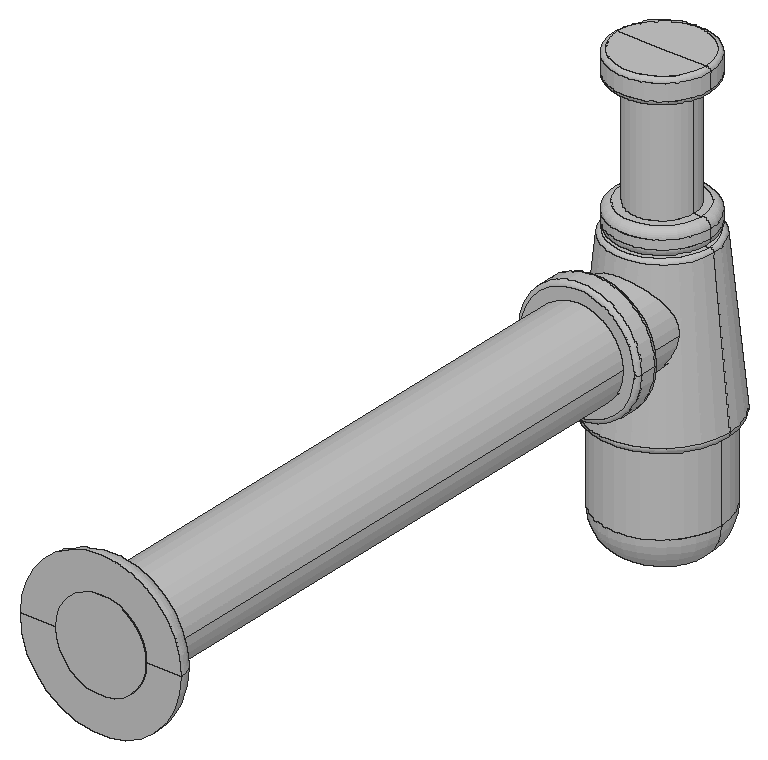
Revit family "PGR_Noken_SntryAppIncTrps_Sifon", category Plumbing Fixtures, host Wall, Revit 2017
Family settings
  Host = Wall
  Round Connector Dimension = Use Diameter
  Part Type = Normal
  OmniClass Number = 23.45.55.11
  OmniClass Title = Sanitary Components
  Always vertical = Yes
  Cut with Voids When Loaded = No
  Shared = Yes
  Room Calculation Point = No
Parameters (values of type "Sifon-100039181")
  WasteTrapType = "UNSET"
  WarrantyStartDate [instance] = "1900-12-31T23:59:59"
  WarrantyGuarantorParts = "bim.gp@porcelanosagrupo.com"
  WarrantyGuarantorLabor = "n/a"
  WarrantyDurationUnit = "year"
  WarrantyDurationParts = "n/a"
  WarrantyDurationLabor = "n/a"
  WarrantyDescription = "See ProductInformation for technical PDF"
  WFU = 0
  Version = "1"
  Uniclass2015Version = "V1_9"
  Uniclass2015Title = "Sanitary appliance traps"
  Uniclass2015Code = "Pr_65_52_25_75"
  URL = "www.noken.com"
  TechnicalDrawing = "See ProductInformation for technical PDF"
  TagNumber [instance] = "n/a"
  SustainabilityPerformance = "See ProductInformation for technical PDF"
  Status = "UNSET"
  Size = "345x70x255mm"
  Shape = "n/a"
  SerialNumber [instance] = "n/a"
  Revision = "n/a"
  ReplacementCost = "n/a"
  Reference = "-"
  ProductInformation = "http://calidad.info-grupo.com:8081/GeneraFicha3/PDF?articulo=100039181&lang=EN&un=0"
  NumberOfConnections = 2
  NominalHeightRange = "165-255"
  NettWeight = 5
  Name = "SanitaryApplianceTraps_Complementos_White-345x70x255mm-100039181"
  NBSReference = "90-10-60/410"
  NBSDescription = "Sanitary appliance traps"
  ModelReference = "SIFON BOTELLA 300 CROMO"
  ModelNumber = "100039181"
  MaterialMetal = PGR_Noken_Brass_Chrome
  NominalWidth = 70 mm
  NominalLength [instance] = 345 mm
  NominalHeight = if(HeightTrap < 165 mm, 165 mm, if(HeightTrap > 255 mm, 255 mm, HeightTrap))  # 220 mm
  Model = "100039181"
  Type Image = <None>
  Material = "Brass"
  ManufacturerURL = "www.noken.com"
  Manufacturer = "bim.gp@porcelanosagrupo.com"
  InstallationDate [instance] = "1900-12-31T23:59:59"
  IfcExportType = "WasteTrap"
  IfcExportAs = "IfcWasteTerminalType"
  HeightTrap = 220 mm
  Height = 550 mm
  Grade = "n/a"
  Finish = "Chrome plated"
  Features = "See ProductInformation for technical PDF"
  ExpectedLife = "n/a"
  DurationUnit = "Year"
  DrainSize = 40 mm
  Description = "Bottle trap. Material brass, finish chrome plated, nominal length 345 mm, nominal width 70 mm, nominal height 165-255 mm, net product weight 0,5 kg . Normative UNE EN 274, EN 248"
  CreationDate = "2018/08"
  Constituents = "n/a"
  Color = "Chrome"
  Collection = "Complementos"
  CodePerformance = "EN 274, EN 248"
  Category = "Pr_65_52_25_75: Sanitary appliance traps."
  BarCode [instance] = "n/a"
  BIMObjectName = "PGR_Noken_SanitaryApplianceTraps_Complementos_White-345x70x255mm-100039181"
  Author = "Porcelanosa Grupo"
  AssetType = "Fixed"
  AssetIdentifier [instance] = "n/a"
  ApplicationType = "Basin"
  AccessibilityPerformance = "SeeProductInformation for technical PDF"
Reference planes
  plane 1 "Wall": y = 0
  plane 2 "Center (Left/Right)": x = 125
  plane 3 "Back": y = 75
  plane 4 "Left": x = 90
  plane 5 "Right": x = 160
  plane 6 "Front": y = 420
  plane 7 "Top": z = 550
  plane 8 "Bottom": z = 330
  plane 9: z = 0
Forms (mm)
  Extrusion 1, solid, detail levels medium
    sketch origin (147.25, 75, 438.73) x (0, 0, 1) y (-1, 0, 0)
      loop
        circle (0, 22.25) r 20
    from 0 to 1
Text (mm)
  text "Placement side" at (-1787.139, 592.35, 0), in view "Ref. Level"
  text "Placement side" at (0, 1827.695, 2917.686), in view "Left"
  text "Placement side" at (0, 562.268, 3853.606), in view "Right"
Dimensions and locks
  locked: plane 3 "Back" to host wall at 0
  equal spacing: plane 4 "Left", plane 2 "Center (Left/Right)", plane 5 "Right"
  "NominalLength": plane 6 "Front" to plane 3 "Back"
  "NominalWidth": plane 4 "Left" to plane 5 "Right"
  "Height": plane 7 "Top" to plane 9
  "NominalHeight": plane 7 "Top" to plane 8 "Bottom"
  level to plane 7 "Top" = 550 mm
  diameter of Extrusion 1 sketch curve = 40 mm
  aligned and locked: host wall to plane 1 "Wall"
  aligned and locked: nested 1 to plane 6 "Front"
  aligned and locked: plane 3 "Back" to nested 1
  aligned and locked: plane 7 "Top" to nested 1
  aligned and locked: plane 9 to level
Automatic sketch dimensions
  Extrusion 1 sketch curve to Extrusion 1 sketch curve = 0 mm  (x2)
Nested families
  nested 1: "100039181_3D" at (125, 365, 330), PGR_Noken_Chrome <- "MaterialMetal", HeightTrap <- "NominalHeight", type "100039181"
    with PGR_Noken_Chrome PGR_Noken_Brass_Chrome, NominalLength 345 mm, HeightTrap 220 mm
Connectors
  piping at (125, 74, 438.73), diameter 40, driven by "WFU", driven by "DrainSize"
    settings: on Extrusion 1, index 1, connector inside diameter 609.6 mm, connector length 0 mm, flow factor 0, pipe flow 0.0 L/s, pressure drop 0.0 Pa, fitting loss kfactor 0, connector angle 0.00°, fixture units 0, engagement length 0 mm, angle of deflection 0.00°, flow configuration 3, flow direction 2, fitting loss method 4, system type 16, joint type 0, gender type 0, connector reference index -1, connector utility 0, adjustable connector no, is connector primary yes, connector description ""
Definition of nested family "100039181_3D"
  Parameters (values of type "100039181")
    URL = "www.noken.com"
    PGR_Noken_Chrome [instance] = none
    NominalWidth = 44.5 mm
    NominalLength [instance] = 300 mm
    NominalHeight = 231.186 mm
    Model = "100039181"
    Type Image = (empty or 0)
    Manufacturer = "bim.gp@porcelanosagrupo.com"
    HeightTrap [instance] = 210.189 mm
    Category = "Pr_65_52_25_75, Sanitary appliance traps"
  Reference planes
    plane 1 "Bottom": z = 0
    plane 2 "Center (Left/Right)": x = 0
    plane 3 "Front": y = 55
    plane 4 "Back": y = -245
    plane 5: z = 0
    plane 6 "Left": x = -22.25
    plane 7 "Right": x = 22.25
    plane 8 "Top": z = 210.189
  Forms (mm)
    Revolve 1, solid, material <- "PGR_Noken_Chrome", detail levels fine
      sketch origin (0, 55, 0) x (1, 0, 0) y (0, 0, 1)
        loop
          line (0, 0) -> (0, 210.189) -> (-21.75, 210.189)
          arc (-21.75, 210.189) -> (-23.164, 209.603) -> (-23.75, 208.189) r 2
          line (-23.75, 208.189) -> (-23.75, 200.189)
          arc (-23.75, 200.189) -> (-23.164, 198.775) -> (-21.75, 198.189) r 2
          line (-21.75, 198.189) -> (-15.75, 198.189) -> (-15.75, 143.189) -> (-19.75, 143.189)
          arc (-19.75, 143.189) -> (-22.578, 142.017) -> (-23.75, 139.189) r 4
          line (-23.75, 139.189) -> (-23.75, 134.846)
          arc (-23.75, 134.846) -> (-22.578, 132.018) -> (-19.75, 130.846) r 4
          line (-19.75, 130.846) -> (-23.473, 130.846)
          arc (-23.473, 130.846) -> (-24.825, 130.321) -> (-25.466, 129.02) r 2
          line (-25.466, 129.02) -> (-33.133, 62.289)
          arc (-33.133, 62.289) -> (-32.405, 60.145) -> (-30.333, 59.233) r 2.811
          line (-30.333, 59.233) -> (-29.35, 59.233) -> (-29.35, 20)
          arc (-29.35, 20) -> (-23.492, 5.858) -> (-9.35, 0) r 20
          line (-9.35, 0) -> (0, 0)
        axis (0, 0) -> (0, 210.189)
      angle from 0 to 360
    Extrusion 2, solid, material <- "PGR_Noken_Chrome"
      sketch origin (0, -245, 0) x (1, 0, 0) y (0, 0, 1)
        loop
          circle (0, 108.73) r 22.25
      from 0 to -300
    Revolve 3, solid, material <- "PGR_Noken_Chrome", detail levels fine
      sketch origin (0, 0, 108.73) x (-1, 0, 0) y (0, -1, 0)
        loop
          line (0, 245) -> (-39.73, 245)
          arc (-39.73, 245) -> (-36.215, 236.515) -> (-27.73, 233) r 12
          line (-27.73, 233) -> (0, 233) -> (0, 245)
        axis (0, 233) -> (0, 245)
      angle from 0 to 360
    Extrusion 4, solid, material <- "PGR_Noken_Chrome", detail levels fine
      sketch origin (0, 55, 0) x (1, 0, 0) y (0, 0, 1)
        loop
          circle (0, 108.73) r 30
        loop
          circle (0, 108.73) r 22.25
      from 40 to 52
    Sweep 5, void
      path origin (0, 3, 0) x (1, 0, 0) y (0, 0, 1)
        loop
          circle (0, 108.73) r 30
      profile origin (0, 3, 138.73) x (0, 0, -1) y (0, -1, 0)
        loop
          arc (0, -2) -> (0.586, -0.586) -> (2, 0) r 2
          line (2, 0) -> (2, 2) -> (-2, 2) -> (-2, -2) -> (0, -2)
        loop
          line (0, -10) -> (-2, -10) -> (-2, -14) -> (2, -14) -> (2, -12)
          arc (2, -12) -> (0.586, -11.414) -> (0, -10) r 2
    Revolve 6, solid, material <- "PGR_Noken_Chrome", detail levels coarse+medium
      sketch origin (0, 55, 0) x (1, 0, 0) y (0, 0, 1)
        loop
          line (0, 0) -> (0, 210.189) -> (-23.75, 210.189) -> (-23.75, 198.189) -> (-15.75, 198.189) -> (-15.75, 164.186) -> (-23.75, 164.186) -> (-23.75, 151.843) -> (-25.306, 151.843) -> (-33.4, 59.233) -> (-29.35, 59.233) -> (-29.35, 20)
          arc (-29.35, 20) -> (-23.492, 5.858) -> (-9.35, 0) r 20
          line (-9.35, 0) -> (0, 0)
        axis (0, 0) -> (0, 210.189)
      angle from 0 to 360
    Extrusion 7, solid, material <- "PGR_Noken_Chrome", detail levels coarse+medium
      sketch origin (0, 3, 0) x (1, 0, 0) y (0, 0, 1)
        loop
          circle (0, 108.73) r 30
      from -12 to 0
  Cuts and joins
    Sweep 5 cuts Revolve 3
    Sweep 5 cuts Extrusion 4
    joined: Revolve 3, Extrusion 4
    Sweep 5 cuts Extrusion 2
    Sweep 5 cuts Revolve 1
  Lines and regions (mm)
    Masking region 1, detail levels fine
      outline origin (0, 0, 0) x (1, 0, 0) y (0, 1, 0)
        loop
          line (-39.73, -245) -> (39.73, -245)
          arc (39.73, -245) -> (36.215, -236.515) -> (27.73, -233) r 12
          line (27.73, -233) -> (22.25, -233) -> (22.25, 3) -> (30, 3) -> (30, 15) -> (22.25, 15) -> (22.25, 30.09)
          arc (22.25, 30.09) -> (30.485, 41.354) -> (33.4, 55) r 33.4
          arc (33.4, 55) -> (-13.646, 85.485) -> (-22.25, 30.09) r 33.4
          line (-22.25, 30.09) -> (-22.25, 15) -> (-30, 15) -> (-30, 3) -> (-22.25, 3) -> (-22.25, -233) -> (-27.73, -233)
          arc (-27.73, -233) -> (-36.215, -236.515) -> (-39.73, -245) r 12
    Masking region 2, detail levels fine
      outline origin (0, 0, 0) x (0, 1, 0) y (0, 0, 1)
        loop
          line (55, 210.189) -> (31.25, 210.189) -> (31.25, 198.189) -> (39.25, 198.189) -> (39.25, 164.186) -> (31.25, 164.186) -> (31.25, 151.843) -> (29.694, 151.843) -> (27.87, 130.98) -> (15, 130.98) -> (15, 138.73) -> (3, 138.73) -> (3, 130.98) -> (-233, 130.98) -> (-233, 136.46)
          arc (-233, 136.46) -> (-236.515, 144.945) -> (-245, 148.46) r 12
          line (-245, 148.46) -> (-245, 108.73) -> (-245, 69)
          arc (-245, 69) -> (-236.515, 72.515) -> (-233, 81) r 12
          line (-233, 81) -> (-233, 86.48) -> (3, 86.48) -> (3, 78.73) -> (15, 78.73) -> (15, 86.48) -> (23.981, 86.48) -> (21.6, 59.233) -> (25.6, 59.233) -> (25.6, 10.233)
          arc (25.6, 10.233) -> (28.307, 3.286) -> (35, 0) r 10.27
          line (35, 0) -> (55, 0) -> (75, 0)
          arc (75, 0) -> (81.693, 3.286) -> (84.4, 10.233) r 10.27
          line (84.4, 10.233) -> (84.4, 59.233) -> (88.4, 59.233) -> (80.306, 151.843) -> (78.75, 151.843) -> (78.75, 164.186) -> (70.75, 164.186) -> (70.75, 198.189) -> (78.75, 198.189) -> (78.75, 210.189) -> (55, 210.189)
    Masking region 3
      outline origin (0, 0, 108.731) x (1, 0, 0) y (0, 0, 1)
        loop
          line (0, 101.459) -> (-23.75, 101.459) -> (-23.75, 89.459) -> (-15.75, 89.459) -> (-15.75, 55.456) -> (-23.75, 55.456) -> (-23.75, 43.113) -> (-25.306, 43.113) -> (-26.486, 29.613)
          arc (-26.486, 29.613) -> (-39.579, 3.458) -> (-31.222, -24.571) r 39.73
          line (-31.222, -24.571) -> (-33.4, -49.497) -> (-29.4, -49.497) -> (-29.4, -98.731)
          arc (-29.4, -98.731) -> (-26.471, -105.802) -> (-19.4, -108.731) r 10
          line (-19.4, -108.731) -> (0, -108.731) -> (19.4, -108.731)
          arc (19.4, -108.731) -> (26.471, -105.802) -> (29.4, -98.731) r 10
          line (29.4, -98.731) -> (29.4, -49.497) -> (33.4, -49.497) -> (31.222, -24.571)
          arc (31.222, -24.571) -> (39.579, 3.458) -> (26.486, 29.613) r 39.73
          line (26.486, 29.613) -> (25.306, 43.113) -> (23.75, 43.113) -> (23.75, 55.456) -> (15.75, 55.456) -> (15.75, 89.459) -> (23.75, 89.459) -> (23.75, 101.459) -> (0, 101.459)
    Masking region 4, detail levels coarse+medium
      outline origin (0, 0, 0) x (0, 1, 0) y (0, 0, 1)
        loop
          line (55, 210.189) -> (31.25, 210.189) -> (31.25, 198.189) -> (39.25, 198.189) -> (39.25, 151.843) -> (29.694, 151.843) -> (27.87, 130.98) -> (19.194, 130.98) -> (-245, 130.98) -> (-245, 86.48) -> (19.237, 86.48) -> (23.981, 86.48) -> (21.6, 59.233) -> (25.6, 59.233) -> (25.6, 10.233)
          arc (25.6, 10.233) -> (28.307, 3.286) -> (35, 0) r 10.27
          line (35, 0) -> (55, 0) -> (75, 0)
          arc (75, 0) -> (81.693, 3.286) -> (84.4, 10.233) r 10.27
          line (84.4, 10.233) -> (84.4, 59.233) -> (88.4, 59.233) -> (80.306, 151.843) -> (70.75, 151.843) -> (70.75, 164.186) -> (70.75, 198.189) -> (78.75, 198.189) -> (78.75, 210.189) -> (55, 210.189)
    Masking region 5, detail levels coarse+medium
      outline origin (0, 0, 0) x (1, 0, 0) y (0, 1, 0)
        loop
          line (-22.25, 30.09) -> (-22.25, 21.903) -> (-22.25, -245) -> (22.25, -245) -> (22.25, -233) -> (22.25, 14.91) -> (22.25, 30.09)
          arc (22.25, 30.09) -> (30.485, 41.354) -> (33.4, 55) r 33.4
          arc (33.4, 55) -> (-13.646, 85.485) -> (-22.25, 30.09) r 33.4
    symbolic lines, detail levels fine
      curve 1: line (22.25, -233, 0) -> (-22.25, -233, 0)
      curve 2: line (22.25, 3, 0) -> (-22.25, 3, 0)
      curve 3: line (22.25, 15, 0) -> (-22.25, 15, 0)
      curve 11: line (0, 70.75, 198.189) -> (0, 39.25, 198.189)
      curve 12: line (0, 70.75, 164.186) -> (0, 39.25, 164.186)
      curve 13: line (0, 78.75, 151.843) -> (0, 31.25, 151.843)
      curve 14: line (0, 25.6, 59.233) -> (0, 84.4, 59.233)
      curve 15: arc (0, 36.285, 108.73) -> (0, 34.547, 120.789) -> (0, 27.87, 130.98) r 28.115
      curve 16: arc (0, 23.981, 86.48) -> (0, 33.455, 95.768) -> (0, 36.285, 108.73) r 23.184
      curve 17: line (0, 15, 86.48) -> (0, 15, 130.98)
      curve 18: line (0, 3, 86.48) -> (0, 3, 130.98)
      curve 19: line (0, -233, 86.48) -> (0, -233, 130.98)
    symbolic lines
      curve 4: circle (0, 55, 0) r 25.306 normal (0, 0, 1)
      curve 5: line (22.25, 30.09, 0) -> (22.25, 42.944, 0)
      curve 6: line (-22.25, 30.09, 0) -> (-22.25, 42.944, 0)
      curve 7: line (-15.75, -245, 198.19) -> (15.75, -245, 198.19)
      curve 8: line (15.75, -245, 164.187) -> (-15.75, -245, 164.187)
      curve 9: line (-23.75, -245, 151.844) -> (23.75, -245, 151.844)
      curve 10: line (-29.35, -245, 59.234) -> (29.35, -245, 59.234)
      curve 24: line (-26.486, -245, 138.344) -> (-31.222, -245, 84.16)
      curve 25: line (26.486, -245, 138.344) -> (31.222, -245, 84.16)
    symbolic lines, detail levels coarse+medium
      curve 20: line (0, 70.75, 198.189) -> (0, 39.25, 198.189)
      curve 21: line (0, 70.75, 151.843) -> (0, 39.25, 151.843)
      curve 22: line (0, 84.4, 59.233) -> (0, 25.6, 59.233)
      curve 23: line (0, 23.981, 86.48) -> (0, 27.87, 130.98)
  Dimensions and locks
    "NominalLength": plane 4 "Back" to plane 3 "Front"
    locked: plane 8 "Top" to Masking region 4 at 12
    locked: plane 5 to Masking region 4 at 151.843
    locked: Masking region 4 to plane 5 at 59.233
    locked: Masking region 4 to plane 5 at 86.48
    locked: plane 5 to Masking region 4 at 130.98
    locked: plane 8 "Top" to Masking region 2 sketch curve at 12
    locked: plane 5 to Masking region 2 sketch curve at 59.233
    locked: Masking region 2 sketch curve to plane 5 at 151.843
    locked: Masking region 2 sketch curve to plane 5 at 164.186
    locked: Masking region 2 sketch curve to plane 5 at 86.48
    locked: Masking region 2 sketch curve to plane 5 at 130.98
    locked: plane 5 to Masking region 2 sketch curve at 78.73
    locked: plane 5 to Masking region 2 sketch curve at 138.73
    locked: plane 8 "Top" to Revolve 6 sketch curve at 12
    locked: Revolve 6 sketch curve to plane 1 "Bottom" at 164.186
    locked: Revolve 6 sketch curve to plane 1 "Bottom" at 151.843
    locked: Revolve 6 sketch curve to plane 1 "Bottom" at 59.233
    locked: plane 1 "Bottom" to Extrusion 2 sketch curve at 108.73
    "HeightTrap": plane 8 "Top" to plane 5
    aligned and locked: level to plane 1 "Bottom"
    aligned and locked: plane 4 "Back" to Revolve 3 sketch curve
    aligned and locked: Extrusion 7 to cut or joined group of Revolve 3, Extrusion 4, Sweep 5  (x2)
    aligned and locked: Extrusion 2 to plane 3 "Front"
    aligned and locked: Masking region 4 to plane 8 "Top"
    aligned and locked: Masking region 4 to Masking region 4  (x3)
    aligned and locked: curve 20 to Masking region 4
    aligned and locked: curve 21 to Masking region 4
    aligned and locked: curve 13 to Masking region 2
    aligned and locked: curve 12 to Masking region 2
    aligned and locked: curve 11 to Masking region 2
    aligned and locked: Masking region 2 to curve 14
  Automatic sketch dimensions
    Extrusion 2 sketch curve to plane 2 "Center (Left/Right)" = 0 mm
    Extrusion 4 sketch curve to Extrusion 4 sketch curve = 0 mm  (x2)
    Extrusion 4 sketch curve to plane 2 "Center (Left/Right)" = 0 mm
    plane 5 to Extrusion 4 sketch curve = 108.73 mm
    curve 4 to plane 2 "Center (Left/Right)" = 0 mm
    plane 3 "Front" to curve 4 = 0 mm
    plane 3 "Front" to curve 6 = 12.056 mm
    curve 6 to curve 6 = 12.854 mm
    curve 5 to curve 5 = 12.854 mm
    curve 3 to curve 6 = 15.09 mm
    curve 2 to curve 3 = 12 mm
    curve 1 to plane 4 "Back" = 12 mm
    Revolve 3 sketch curve to plane 2 "Center (Left/Right)" = 0 mm  (x2)
    Revolve 3 sketch curve to Revolve 3 sketch curve = 12 mm
    Revolve 3 sketch curve to plane 3 "Front" = 1241.25 mm
    plane 4 "Back" to Revolve 3 sketch curve = 775.015 mm
    Masking region 1 sketch curve to Masking region 1 sketch curve = 0 mm  (x4)
    plane 4 "Back" to Masking region 1 sketch curve = 0 mm
    Masking region 1 sketch curve to plane 2 "Center (Left/Right)" = 0 mm
    plane 3 "Front" to Masking region 1 sketch curve = 0 mm
    Masking region 1 sketch curve to Masking region 1 sketch curve = 12 mm  (x4)
    plane 3 "Front" to Masking region 1 sketch curve = 52 mm
    Masking region 1 sketch curve to Masking region 1 sketch curve = 15.09 mm
    Masking region 2 sketch curve to plane 4 "Back" = 0 mm
    Masking region 2 sketch curve to level = 0 mm
    Masking region 2 sketch curve to plane 3 "Front" = 0 mm  (x2)
    plane 5 to Masking region 2 sketch curve = 108.73 mm
    Masking region 2 sketch curve to plane 4 "Back" = 12 mm  (x2)
    plane 3 "Front" to Masking region 2 sketch curve = 52 mm  (x2)
    Masking region 2 sketch curve to Masking region 2 sketch curve = 12 mm  (x3)
    Masking region 2 sketch curve to Masking region 2 sketch curve = 6.6 mm
    Masking region 2 sketch curve to Masking region 2 sketch curve = 8.981 mm
    level to Masking region 2 sketch curve = 10.233 mm  (x2)
    plane 3 "Front" to Masking region 2 sketch curve = 29.4 mm
    Masking region 2 sketch curve to Masking region 2 sketch curve = 12.87 mm
    Masking region 2 sketch curve to Masking region 2 sketch curve = 14.694 mm
    plane 3 "Front" to Masking region 2 sketch curve = 23.75 mm
    Masking region 2 sketch curve to Masking region 2 sketch curve = 1.556 mm  (x2)
    Masking region 2 sketch curve to Masking region 2 sketch curve = 9.4 mm
    Masking region 2 sketch curve to Masking region 2 sketch curve = 8 mm  (x3)
    Masking region 2 sketch curve to plane 3 "Front" = 15.75 mm
    Masking region 2 sketch curve to plane 3 "Front" = 19.13 mm
    Masking region 2 sketch curve to Masking region 2 sketch curve = 0.87 mm
    Masking region 2 sketch curve to Masking region 2 sketch curve = 4 mm
    Masking region 2 sketch curve to Masking region 2 sketch curve = 39.73 mm
    Masking region 2 sketch curve to Masking region 2 sketch curve = 19.497 mm
    Masking region 2 sketch curve to Masking region 2 sketch curve = 7.75 mm
    plane 5 to Masking region 2 sketch curve = 130.98 mm
    Masking region 2 sketch curve to Masking region 2 sketch curve = 5.48 mm
    Masking region 2 sketch curve to Masking region 2 sketch curve = 13.113 mm
    Masking region 2 sketch curve to Masking region 2 sketch curve = 12.343 mm
    plane 2 "Center (Left/Right)" to curve 5 = 22.25 mm
    plane 2 "Center (Left/Right)" to curve 2 = 22.25 mm
    plane 2 "Center (Left/Right)" to curve 1 = 22.25 mm
    curve 3 to curve 2 = 0 mm  (x2)
    Revolve 3 sketch curve to Revolve 3 sketch curve = 27.73 mm
    plane 2 "Center (Left/Right)" to Masking region 1 sketch curve = 22.25 mm
    Masking region 1 sketch curve to Masking region 1 sketch curve = 5.48 mm  (x2)
    Masking region 1 sketch curve to Masking region 1 sketch curve = 7.75 mm  (x2)
    curve 6 to plane 2 "Center (Left/Right)" = 22.25 mm
    curve 2 to plane 2 "Center (Left/Right)" = 22.25 mm
    curve 1 to plane 2 "Center (Left/Right)" = 22.25 mm
    Masking region 1 sketch curve to plane 2 "Center (Left/Right)" = 22.25 mm
    Masking region 2 sketch curve to Masking region 2 sketch curve = 0 mm
    Masking region 4 sketch curve to plane 4 "Back" = 0 mm
    Masking region 4 sketch curve to plane 3 "Front" = 0 mm  (x2)
    plane 3 "Front" to Masking region 4 sketch curve = 35.806 mm
    plane 3 "Front" to Masking region 4 sketch curve = 35.763 mm
    Masking region 4 sketch curve to Masking region 4 sketch curve = 2.363 mm
    Masking region 4 sketch curve to Masking region 4 sketch curve = 4.744 mm
    plane 3 "Front" to Masking region 4 sketch curve = 29.4 mm
    Masking region 4 sketch curve to Masking region 4 sketch curve = 8.676 mm
    Masking region 4 sketch curve to Masking region 4 sketch curve = 1.823 mm
    plane 3 "Front" to Masking region 4 sketch curve = 23.75 mm
    Masking region 4 sketch curve to Masking region 4 sketch curve = 9.4 mm
    Masking region 4 sketch curve to Masking region 4 sketch curve = 0.87 mm  (x2)
    Masking region 4 sketch curve to Masking region 4 sketch curve = 8 mm  (x2)
    Masking region 4 sketch curve to plane 3 "Front" = 15.75 mm
    Masking region 4 sketch curve to plane 3 "Front" = 19.13 mm
    Masking region 4 sketch curve to Masking region 4 sketch curve = 9.556 mm
    Masking region 4 sketch curve to Masking region 4 sketch curve = 10.27 mm
    Masking region 4 sketch curve to Masking region 4 sketch curve = 4 mm
    Masking region 4 sketch curve to level = 0 mm
    Masking region 4 sketch curve to Masking region 4 sketch curve = 49 mm  (x2)
    level to Masking region 4 sketch curve = 86.48 mm
    level to Masking region 4 sketch curve = 130.98 mm
    Masking region 4 sketch curve to Masking region 4 sketch curve = 20.863 mm
    Masking region 4 sketch curve to Masking region 4 sketch curve = 0 mm  (x2)
    Masking region 4 sketch curve to Masking region 4 sketch curve = 46.346 mm
    Masking region 4 sketch curve to Masking region 4 sketch curve = 12 mm
    Masking region 4 sketch curve to Masking region 4 sketch curve = 12.343 mm
    level to curve 15 = 108.73 mm
    plane 3 "Front" to curve 15 = 46.75 mm
    level to curve 16 = 106.987 mm
    curve 15 to curve 16 = 4.917 mm
    curve 18 to curve 15 = 5.25 mm
    curve 19 to plane 4 "Back" = 12 mm
    curve 18 to curve 17 = 12 mm
    curve 17 to curve 23 = 8.981 mm
    curve 23 to curve 22 = 1.619 mm
    curve 14 to curve 22 = 0 mm
    curve 17 to curve 15 = 12.87 mm
    curve 23 to curve 13 = 3.38 mm
    plane 3 "Front" to curve 15 = 18.715 mm
    plane 3 "Front" to curve 11 = 15.75 mm
    curve 13 to curve 21 = 8 mm
    curve 12 to curve 21 = 0 mm  (x2)
    curve 20 to curve 11 = 0 mm  (x2)
    curve 21 to plane 3 "Front" = 15.75 mm
    curve 11 to plane 3 "Front" = 15.75 mm
    curve 21 to curve 13 = 8 mm
    curve 14 to plane 3 "Front" = 29.4 mm
    curve 22 to curve 14 = 0 mm  (x2)
    curve 18 to curve 16 = 0 mm
    curve 17 to curve 16 = 0 mm
    level to curve 19 = 86.48 mm
    curve 17 to curve 23 = 0 mm
    level to curve 19 = 130.98 mm
    curve 18 to curve 17 = 0 mm
    curve 23 to curve 13 = 20.863 mm
    Masking region 5 sketch curve to Masking region 5 sketch curve = 0 mm
    Masking region 5 sketch curve to plane 6 "Left" = 0 mm
    Masking region 5 sketch curve to plane 2 "Center (Left/Right)" = 0 mm
    plane 4 "Back" to Masking region 5 sketch curve = 0 mm
    Masking region 5 sketch curve to plane 7 "Right" = 0 mm
    plane 3 "Front" to Masking region 5 sketch curve = 0 mm
    plane 3 "Front" to Masking region 5 sketch curve = 40.09 mm
    plane 3 "Front" to Masking region 5 sketch curve = 33.097 mm
    Masking region 5 sketch curve to Masking region 5 sketch curve = 15.181 mm
    Masking region 5 sketch curve to plane 4 "Back" = 12 mm
    Masking region 3 sketch curve to Masking region 3 sketch curve = 0 mm  (x2)
    Masking region 3 sketch curve to level = 0 mm
    Masking region 3 sketch curve to plane 2 "Center (Left/Right)" = 0 mm  (x3)
    Masking region 3 sketch curve to plane 6 "Left" = 6.5 mm
    Masking region 3 sketch curve to plane 6 "Left" = 2.85 mm
    plane 6 "Left" to Masking region 3 sketch curve = 1.5 mm  (x2)
    Masking region 3 sketch curve to Masking region 3 sketch curve = 1.556 mm  (x2)
    plane 6 "Left" to Masking region 3 sketch curve = 4.236 mm
    plane 6 "Left" to Masking region 3 sketch curve = 7.15 mm
    Masking region 3 sketch curve to plane 7 "Right" = 6.5 mm
    Masking region 3 sketch curve to plane 7 "Right" = 2.85 mm
    plane 7 "Right" to Masking region 3 sketch curve = 1.5 mm  (x2)
    plane 7 "Right" to Masking region 3 sketch curve = 4.236 mm
    plane 7 "Right" to Masking region 3 sketch curve = 7.15 mm
    plane 7 "Right" to Masking region 3 sketch curve = 8.972 mm
    Masking region 3 sketch curve to Masking region 3 sketch curve = 4 mm  (x2)
    Masking region 3 sketch curve to Masking region 3 sketch curve = 49.234 mm  (x2)
    Masking region 3 sketch curve to Masking region 3 sketch curve = 24.926 mm
    Masking region 3 sketch curve to Masking region 3 sketch curve = 24.57 mm
    Masking region 3 sketch curve to Masking region 3 sketch curve = 29.614 mm
    Masking region 3 sketch curve to Masking region 3 sketch curve = 13.501 mm  (x2)
    Masking region 3 sketch curve to Masking region 3 sketch curve = 12.343 mm  (x2)
    Masking region 3 sketch curve to plane 8 "Top" = 11.999 mm  (x2)
    plane 8 "Top" to Masking region 3 sketch curve = 0.001 mm
    plane 6 "Left" to Masking region 3 sketch curve = 8.972 mm
    plane 6 "Left" to curve 24 = 8.972 mm
    plane 7 "Right" to curve 10 = 7.1 mm
    level to curve 10 = 59.234 mm
    plane 6 "Left" to curve 10 = 7.1 mm
    plane 6 "Left" to curve 24 = 4.236 mm
    plane 6 "Left" to curve 9 = 1.5 mm
    curve 8 to plane 6 "Left" = 6.5 mm
    curve 7 to plane 6 "Left" = 6.5 mm
    curve 7 to plane 7 "Right" = 6.5 mm
    curve 8 to plane 7 "Right" = 6.5 mm
    plane 7 "Right" to curve 9 = 1.5 mm
    plane 7 "Right" to curve 25 = 4.236 mm
    plane 7 "Right" to curve 25 = 8.972 mm
    curve 10 to curve 24 = 24.926 mm
    curve 10 to curve 25 = 24.926 mm
    curve 25 to curve 25 = 54.184 mm
    curve 24 to curve 25 = 0 mm
    curve 25 to curve 9 = 13.501 mm
    curve 9 to curve 8 = 12.343 mm
    curve 7 to plane 8 "Top" = 11.999 mm
    Revolve 1 sketch curve to plane 8 "Top" = 0 mm
    Revolve 1 sketch curve to level = 0 mm
    Revolve 1 sketch curve to plane 2 "Center (Left/Right)" = 0 mm  (x2)
    Revolve 1 sketch curve to plane 6 "Left" = 6.5 mm
    Revolve 1 sketch curve to plane 6 "Left" = 12.9 mm
    Revolve 1 sketch curve to plane 6 "Left" = 2.5 mm  (x2)
    Revolve 1 sketch curve to plane 6 "Left" = 0.5 mm  (x2)
    plane 6 "Left" to Revolve 1 sketch curve = 1.223 mm
    plane 6 "Left" to Revolve 1 sketch curve = 1.5 mm  (x2)
    Revolve 1 sketch curve to Revolve 1 sketch curve = 1.992 mm
    plane 6 "Left" to Revolve 1 sketch curve = 7.1 mm
    Revolve 1 sketch curve to Revolve 1 sketch curve = 0.983 mm
    Revolve 1 sketch curve to Revolve 1 sketch curve = 2.8 mm
    Revolve 1 sketch curve to Revolve 1 sketch curve = 39.233 mm
    Revolve 1 sketch curve to Revolve 1 sketch curve = 2.811 mm
    Revolve 1 sketch curve to Revolve 1 sketch curve = 79.343 mm
    Revolve 1 sketch curve to Revolve 1 sketch curve = 0.174 mm
    Revolve 1 sketch curve to Revolve 1 sketch curve = 4.343 mm
    Revolve 1 sketch curve to Revolve 1 sketch curve = 10 mm
    Revolve 1 sketch curve to level = 762 mm
    plane 8 "Top" to Revolve 1 sketch curve = 1134.298 mm
    Sweep 5 sketch curve to profile plane = 0 mm  (x3)
    profile plane to Sweep 5 sketch curve = 2 mm  (x3)
    Sweep 5 sketch curve to Sweep 5 sketch curve = 2 mm
    Sweep 5 sketch curve to profile plane = 2 mm
    Sweep 5 sketch curve to Sweep 5 sketch curve = 8 mm
    Sweep 5 sketch curve to Sweep 5 sketch curve = 4 mm
    Revolve 6 sketch curve to plane 8 "Top" = 0 mm
    Revolve 6 sketch curve to level = 0 mm
    Revolve 6 sketch curve to plane 2 "Center (Left/Right)" = 0 mm  (x2)
    Revolve 6 sketch curve to Revolve 6 sketch curve = 9.35 mm
    Revolve 6 sketch curve to plane 6 "Left" = 6.5 mm
    plane 6 "Left" to Revolve 6 sketch curve = 3.056 mm
    plane 6 "Left" to Revolve 6 sketch curve = 1.5 mm  (x2)
    plane 6 "Left" to Revolve 6 sketch curve = 7.1 mm
    Revolve 6 sketch curve to Revolve 6 sketch curve = 4.05 mm
    Revolve 6 sketch curve to level = 762 mm
    plane 8 "Top" to Revolve 6 sketch curve = 1134.298 mm
    radius of Extrusion 2 sketch curve = 22.25 mm
    radius of Extrusion 4 sketch curve = 30 mm
    radius of Extrusion 4 sketch curve = 22.25 mm
    radius of Sweep 5 sketch curve to Extrusion 4 = 0 mm
    radius of Extrusion 7 sketch curve to Extrusion 4 = 0 mm
